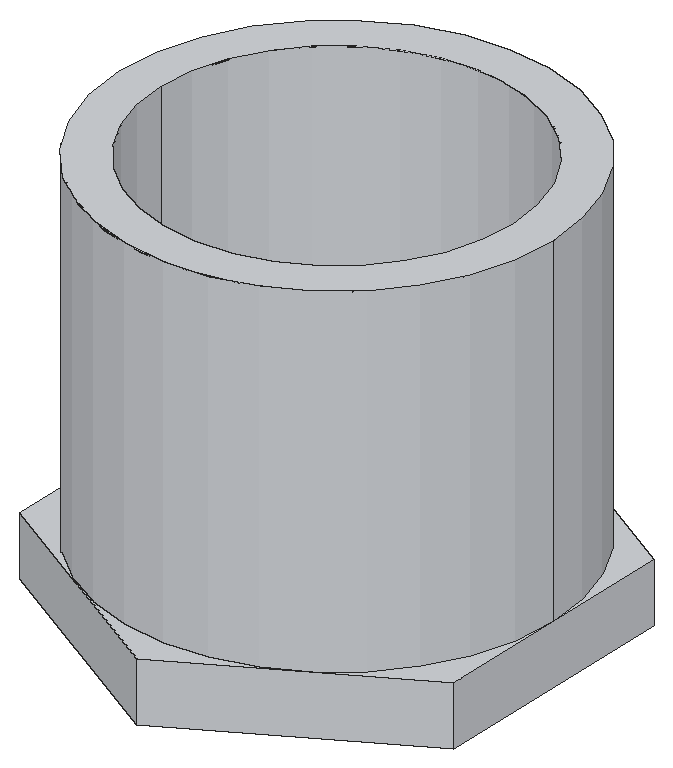
Revit family "MBBL1", category Generic Models, Revit 2017
Family settings
  Can host rebar = No
  Round Connector Dimension = Use Diameter
  Part Type = Normal
  Work Plane-Based = Yes
  Always vertical = No
  Cut with Voids When Loaded = No
  Shared = No
  Room Calculation Point = No
Parameters (values of type "NBS Standard Parameters")
  Weight = "0.0115Kgs"
  WarrantyStartDate [instance] = "1900-12-31T23:59:59"
  WarrantyGuarantorParts = "n/a"
  WarrantyGuarantorLabor = "n/a"
  WarrantyDurationUnit = "1 year"
  WarrantyDurationParts = "1 year"
  WarrantyDurationLabor = "n/a"
  WarrantyDescription = "n/a"
  Version = "1"
  Uniclass2 = "Pr_65_70_11_20"
  TagNumber [instance] = "n/a"
  SustainabilityPerformance = "n/a"
  Size = "20mm"
  Shape = "Circular"
  SerialNumber [instance] = "n/a"
  Revision = "n/a"
  ReplacementCost = "n/a"
  ProductInformation = "www.metpro.co.uk/pdf/mbbl1.pdf"
  NominalWidth = 20.8 mm
  NominalLength = 20.8 mm
  NominalHeight = 18.5 mm
  Name = ""
  NBSTypeID = ""
  NBSReference = "90-55-10/460"
  NBSOfficeMasterTag = ""
  NBSNote = ""
  NBSDescription = "Conduit Fittings"
  NBSCertification = ""
  ModelReference = "MBBL1"
  ModelNumber = "n/a"
  Material = "Brass"
  ManufacturerURL = "www.metpro.co.uk"
  ManufacturerName = "Metpro Ltd"
  InstallationDate [instance] = "1900-12-31T23:59:59"
  IfcExportType = ""
  IfcExportAs = ""
  Grade = "n/a"
  Finish = "Self Colour"
  Features = "n/a"
  ExpectedLife = "n/a"
  DurationUnit = "year"
  Description = "MBBL1 - 20mm Male Brass Bush - Long"
  Default Elevation = 1219.2 mm
  Constituents = "n/a"
  Color = "n/a"
  CodePerformance = "n/a"
  Category = "n/a"
  BarCode [instance] = "n/a"
  BIMObjectName = "metpro_metprolibrary_conduitfittings_metalcomponent_brassaccessories"
  Author = "Metpro Ltd"
  AssetType = "Fixed"
  AssetIdentifier [instance] = "n/a"
  AccessibilityPerformance = "n/a"
Reference planes
  plane 1 "Center (Front/Back)": y = 0
  plane 2: z = 0
  plane 3 "Center (Left/Right)": x = 0
Forms (mm)
  Extrusion 1, solid
    sketch origin (0, 0, 0) x (1, 0, 0) y (0, 1, 0)
      loop
        circle (8.689, 13.293) r 8.125
      loop
        line (18.689, 19.067) -> (8.689, 24.84) -> (-1.311, 19.067) -> (-1.311, 7.52) -> (8.689, 1.746) -> (18.689, 7.52) -> (18.689, 19.067)
    from 0 to 2.72
  Extrusion 2, solid
    sketch origin (0, 0, 2.72) x (1, 0, 0) y (0, 1, 0)
      loop
        circle (8.689, 13.293) r 8.125
      loop
        circle (8.689, 13.293) r 10
    from 0 to 15.75
Dimensions and locks
  aligned and locked: level to plane 2
